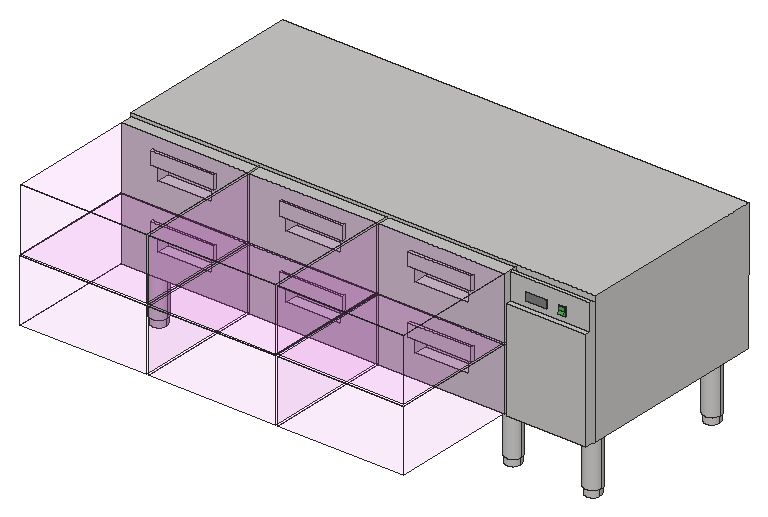
Revit family "QF_ELECTROLUXPROFESSIONAL_371376_E7TTBPCOMKN", category Specialty Equipment, Revit 2018 (continued)
Lines and regions (mm)
  Split face 138
    outline origin (869.896, -348, 142.29) x (0, 0, -1) y (1, 0, 0)
      loop
        arc (-117.004, -232.599) -> (-121.004, -236.61) -> (-116.984, -240.599) r 4
        line (-116.984, -240.599) -> (-85.025, -240.599)
  Split face 139
    outline origin (881.897, -348, 142.29) x (0, 0, -1) y (1, 0, 0)
      loop
        arc (-85.025, -240.599) -> (-81.004, -236.61) -> (-85.004, -232.599) r 4
        line (-85.004, -232.599) -> (-117.004, -232.599)
        arc (-117.004, -232.599) -> (-121.004, -236.61) -> (-116.984, -240.599) r 4
        line (-116.984, -240.599) -> (-85.025, -240.599)
  Split face 140
    outline origin (893.896, -348, 142.29) x (0, 0, -1) y (1, 0, 0)
      loop
        arc (-85.025, -240.599) -> (-81.004, -236.61) -> (-85.004, -232.599) r 4
        line (-85.004, -232.599) -> (-117.004, -232.599)
        arc (-117.004, -232.599) -> (-121.004, -236.61) -> (-116.984, -240.599) r 4
        line (-116.984, -240.599) -> (-85.025, -240.599)
  Split face 141
    outline origin (905.896, -348, 142.29) x (0, 0, -1) y (1, 0, 0)
      loop
        arc (-85.025, -242.399) -> (-81.004, -238.41) -> (-85.004, -234.4) r 4
        line (-85.004, -234.4) -> (-117.004, -234.4)
        arc (-117.004, -234.4) -> (-121.004, -238.41) -> (-116.984, -242.399) r 4
        line (-116.984, -242.399) -> (-85.025, -242.399)
  Split face 142
    outline origin (917.896, -348, 142.29) x (0, 0, -1) y (1, 0, 0)
      loop
        arc (-85.025, -242.399) -> (-81.004, -238.41) -> (-85.004, -234.4) r 4
        line (-85.004, -234.4) -> (-117.004, -234.4)
        arc (-117.004, -234.4) -> (-121.004, -238.41) -> (-116.984, -242.399) r 4
        line (-116.984, -242.399) -> (-85.025, -242.399)
  Split face 143
    outline origin (929.896, -348, 142.29) x (0, 0, -1) y (1, 0, 0)
      loop
        arc (-85.025, -242.399) -> (-81.004, -238.41) -> (-85.004, -234.4) r 4
        line (-85.004, -234.4) -> (-117.004, -234.4)
        arc (-117.004, -234.4) -> (-121.004, -238.41) -> (-116.984, -242.399) r 4
        line (-116.984, -242.399) -> (-85.025, -242.399)
  Split face 144
    outline origin (941.896, -348, 142.29) x (0, 0, -1) y (1, 0, 0)
      loop
        arc (-85.025, -242.399) -> (-81.004, -238.41) -> (-85.004, -234.4) r 4
        line (-85.004, -234.4) -> (-117.004, -234.4)
        arc (-117.004, -234.4) -> (-121.004, -238.41) -> (-116.984, -242.399) r 4
        line (-116.984, -242.399) -> (-85.025, -242.399)
  Split face 145
    outline origin (953.896, -348, 142.29) x (0, 0, -1) y (1, 0, 0)
      loop
        arc (-85.025, -242.399) -> (-81.004, -238.41) -> (-85.004, -234.4) r 4
        line (-85.004, -234.4) -> (-117.004, -234.4)
        arc (-117.004, -234.4) -> (-121.004, -238.41) -> (-116.984, -242.399) r 4
        line (-116.984, -242.399) -> (-85.025, -242.399)
  Split face 146
    outline origin (965.896, -348, 142.29) x (0, 0, -1) y (1, 0, 0)
      loop
        arc (-85.025, -242.399) -> (-81.004, -238.41) -> (-85.004, -234.4) r 4
        line (-85.004, -234.4) -> (-117.004, -234.4)
        arc (-117.004, -234.4) -> (-121.004, -238.41) -> (-116.984, -242.399) r 4
        line (-116.984, -242.399) -> (-85.025, -242.399)
  Split face 147
    outline origin (977.896, -348, 142.29) x (0, 0, -1) y (1, 0, 0)
      loop
        arc (-85.025, -242.399) -> (-81.004, -238.41) -> (-85.004, -234.4) r 4
        line (-85.004, -234.4) -> (-117.004, -234.4)
        arc (-117.004, -234.4) -> (-121.004, -238.41) -> (-116.984, -242.399) r 4
        line (-116.984, -242.399) -> (-85.025, -242.399)
  Split face 148
    outline origin (989.896, -348, 142.29) x (0, 0, -1) y (1, 0, 0)
      loop
        arc (-85.025, -242.399) -> (-81.004, -238.41) -> (-85.004, -234.4) r 4
        line (-85.004, -234.4) -> (-117.004, -234.4)
        arc (-117.004, -234.4) -> (-121.004, -238.41) -> (-116.984, -242.399) r 4
        line (-116.984, -242.399) -> (-85.025, -242.399)
  Split face 149
    outline origin (1001.896, -348, 142.29) x (0, 0, -1) y (1, 0, 0)
      loop
        arc (-85.025, -242.399) -> (-81.004, -238.41) -> (-85.004, -234.4) r 4
        line (-85.004, -234.4) -> (-117.004, -234.4)
        arc (-117.004, -234.4) -> (-121.004, -238.41) -> (-116.984, -242.399) r 4
        line (-116.984, -242.399) -> (-85.025, -242.399)
  Split face 150
    outline origin (1013.896, -348, 142.29) x (0, 0, -1) y (1, 0, 0)
      loop
        arc (-85.025, -242.399) -> (-81.004, -238.41) -> (-85.004, -234.4) r 4
        line (-85.004, -234.4) -> (-117.004, -234.4)
        arc (-117.004, -234.4) -> (-121.004, -238.41) -> (-116.984, -242.399) r 4
        line (-116.984, -242.399) -> (-85.025, -242.399)
  Split face 151
    outline origin (786, -348, 142.29) x (0, 0, -1) y (1, 0, 0)
      loop
        arc (-85.025, -240.599) -> (-81.004, -236.61) -> (-85.004, -232.599) r 4
        line (-85.004, -232.599) -> (-117.004, -232.599)
        arc (-117.004, -232.599) -> (-121.004, -236.61) -> (-116.984, -240.599) r 4
        line (-116.984, -240.599) -> (-85.025, -240.599)
  symbolic lines, style "SpecialityEquipmentHiddenLines"
    curve 1: line (-799, 350, 0) -> (799, 350, 0)
    curve 2: line (-799, -348, 0) -> (-799, 350, 0)
    curve 3: line (799, -348, 0) -> (-799, -348, 0)
    curve 4: line (799, 350, 0) -> (799, -348, 0)
    curve 16: line (-799, -303, 0) -> (799, -303, 0)
  symbolic lines, style "QF_Door-Drawer Clearances"
    curve 5: line (-775, -348, 0) -> (-775, -473, 0)
    curve 6: line (-380.999, -473, 0) -> (-380.999, -348, 0)
    curve 7: line (-332.969, -348, 0) -> (-332.969, -473, 0)
    curve 8: line (-795, -473, 0) -> (-360.999, -473, 0)
    curve 9: line (-352.969, -473, 0) -> (81.031, -473, 0)
    curve 10: line (-795, -513, 0) -> (-360.999, -513, 0)
    curve 11: line (-352.969, -513, 0) -> (81.031, -513, 0)
    curve 12: line (-360.999, -513, 0) -> (-360.999, -473, 0)
    curve 13: line (-352.969, -473, 0) -> (-352.969, -513, 0)
    curve 14: line (-795, -473, 0) -> (-795, -513, 0)
    curve 15: line (81.031, -513, 0) -> (81.031, -473, 0)
    curve 17: line (523, -473, 0) -> (88.961, -473, 0)
    curve 18: line (523, -513, 0) -> (88.961, -513, 0)
    curve 19: line (523, -473, 0) -> (523, -513, 0)
    curve 20: line (88.961, -513, 0) -> (88.961, -473, 0)
    curve 21: line (61.031, -473, 0) -> (61.031, -348, 0)
    curve 22: line (108.961, -348, 0) -> (108.961, -473, 0)
    curve 23: line (503, -473, 0) -> (503, -348, 0)
    curve 24: line (-775, -513, 0) -> (-775, -638, 0)
    curve 25: line (-380.999, -638, 0) -> (-380.999, -513, 0)
    curve 26: line (-332.969, -513, 0) -> (-332.969, -638, 0)
    curve 27: line (-795, -638, 0) -> (-360.999, -638, 0)
    curve 28: line (-352.969, -638, 0) -> (81.031, -638, 0)
    curve 29: line (-795, -678, 0) -> (-360.999, -678, 0)
    curve 30: line (-352.969, -678, 0) -> (81.031, -678, 0)
    curve 31: line (-360.999, -678, 0) -> (-360.999, -638, 0)
    curve 32: line (-352.969, -638, 0) -> (-352.969, -678, 0)
    curve 33: line (-795, -638, 0) -> (-795, -678, 0)
    curve 34: line (81.031, -678, 0) -> (81.031, -638, 0)
    curve 35: line (523, -638, 0) -> (88.961, -638, 0)
    curve 36: line (523, -678, 0) -> (88.961, -678, 0)
    curve 37: line (523, -638, 0) -> (523, -678, 0)
    curve 38: line (88.961, -678, 0) -> (88.961, -638, 0)
    curve 39: line (61.031, -638, 0) -> (61.031, -513, 0)
    curve 40: line (108.961, -513, 0) -> (108.961, -638, 0)
    curve 41: line (503, -638, 0) -> (503, -513, 0)
Dimensions and locks
  plane 4 to level = 200 mm
  plane 5 "TOP" to level = 650 mm
  plane 5 "TOP" to plane 4 = 450 mm
  equal spacing: plane 8 "LEFT", plane 3 "Centro (Sinistra/Destra)", plane 9 "RIGHT"
  plane 8 "LEFT" to plane 9 "RIGHT" = 1600 mm
  equal spacing: plane 6 "BACK", plane 1 "Center X", plane 7 "FRONT"
  plane 6 "BACK" to plane 7 "FRONT" = 700 mm
  locked: plane 6 "BACK" to plane 10 at 653
  locked: plane 10 to plane 11 at 45
  locked: plane 8 "LEFT" to plane 12 at 55
  locked: plane 13 to plane 9 "RIGHT" at 55
  plane 12 to plane 14 = 1216 mm
  locked: plane 6 "BACK" to plane 15 at 88
  locked: plane 16 to plane 11 at 99
  locked: plane 19 to plane 9 "RIGHT" at 1
  locked: plane 8 "LEFT" to plane 18 at 1
  plane 19 to plane 17 = 513 mm
  locked: plane 6 "BACK" to plane 20 at 160
  plane 21 to plane 9 "RIGHT" = 42 mm
  plane 14 to plane 12 = 1216 mm
  plane 12 to plane 8 "LEFT" = 55 mm
  plane 9 "RIGHT" to plane 13 = 55 mm
  Extrusion 10 to Extrusion 10 = 434 mm
  Extrusion 13 to Extrusion 13 = 434.039 mm
  equal spacing: plane 5 "TOP", plane 22, plane 4
  aligned and locked: level to plane 2
  aligned and locked: plane 12 to nested 1
  aligned and locked: nested 1 to plane 16
  aligned and locked: nested 2 to plane 15
  aligned and locked: plane 14 to nested 3
  aligned and locked: nested 4 to plane 14
  aligned and locked: plane 13 to nested 5
  aligned and locked: nested 6 to plane 13
  aligned and locked: Extrusion 1 sketch curve to plane 6 "BACK"
  aligned and locked: Extrusion 1 sketch curve to plane 10
  aligned and locked: Extrusion 2 to plane 11
  aligned and locked: plane 19 to Extrusion 1
  aligned and locked: plane 4 to Extrusion 5
  aligned and locked: nested 2 to plane 12
Automatic sketch dimensions
  Extrusion 2 sketch curve to plane 24 = 0 mm
  Extrusion 2 sketch curve to plane 3 "Centro (Sinistra/Destra)" = 360.999 mm
  Extrusion 2 sketch curve to Extrusion 2 sketch curve = 123.7 mm
  plane 12 to Extrusion 2 sketch curve = 73.7 mm
  plane 18 to Extrusion 2 sketch curve = 4 mm
  plane 24 to Extrusion 2 sketch curve = 79.206 mm
  Extrusion 2 sketch curve to plane 5 "TOP" = 65 mm
  Extrusion 2 sketch curve to plane 5 "TOP" = 9.006 mm
  plane 20 to Extrusion 5 sketch curve = 0 mm
  plane 13 to Extrusion 5 sketch curve = 13 mm
  Extrusion 10 sketch curve to plane 24 = 0 mm
  plane 3 "Centro (Sinistra/Destra)" to Extrusion 10 sketch curve = 81.031 mm
  Extrusion 10 sketch curve to plane 3 "Centro (Sinistra/Destra)" = 42.668 mm
  plane 24 to Extrusion 10 sketch curve = 79.206 mm
  Extrusion 10 sketch curve to Extrusion 10 sketch curve = 186.601 mm
  Extrusion 10 sketch curve to Extrusion 10 sketch curve = 123.7 mm
  Extrusion 10 sketch curve to plane 5 "TOP" = 65 mm
  Extrusion 10 sketch curve to plane 5 "TOP" = 9.006 mm
  Extrusion 10 to Extrusion 11 sketch curve = 0 mm
  Extrusion 11 sketch curve to Extrusion 10 = 0 mm  (x3)
  Extrusion 12 sketch curve to Extrusion 10 = 15 mm  (x2)
  Extrusion 10 to Extrusion 12 sketch curve = 31.031 mm
  Extrusion 12 sketch curve to Extrusion 10 = 13.969 mm
  Extrusion 13 sketch curve to plane 24 = 0 mm
  Extrusion 13 sketch curve to plane 5 "TOP" = 9.006 mm
  Extrusion 13 sketch curve to plane 21 = 235 mm
  Extrusion 13 sketch curve to plane 14 = 71.738 mm
  Extrusion 13 sketch curve to plane 17 = 73.339 mm
  plane 3 "Centro (Sinistra/Destra)" to Extrusion 13 sketch curve = 88.961 mm
  plane 24 to Extrusion 13 sketch curve = 79.206 mm
  Extrusion 13 sketch curve to plane 5 "TOP" = 65 mm
  Extrusion 14 sketch curve to Extrusion 13 = 0 mm  (x4)
  Extrusion 15 sketch curve to Extrusion 13 = 15 mm  (x2)
  Extrusion 13 to Extrusion 15 sketch curve = 31.031 mm
  Extrusion 15 sketch curve to Extrusion 13 = 13.969 mm
  curve 1 to plane 6 "BACK" = 0 mm
  curve 1 to plane 18 = 0 mm
  curve 5 to plane 11 = 0 mm
  plane 10 to curve 16 = 0 mm
  curve 16 to plane 19 = 0 mm
  plane 18 to curve 8 = 4 mm
  plane 18 to curve 33 = 4 mm
  curve 10 to plane 7 "FRONT" = 163 mm
  curve 10 to plane 3 "Centro (Sinistra/Destra)" = 360.999 mm
  curve 31 to curve 10 = 0 mm
  curve 27 to curve 32 = 8.03 mm
  curve 10 to curve 11 = 8.03 mm
  plane 3 "Centro (Sinistra/Destra)" to curve 9 = 81.031 mm
  plane 3 "Centro (Sinistra/Destra)" to curve 34 = 81.031 mm
  curve 11 to curve 18 = 7.93 mm
  curve 28 to curve 35 = 7.93 mm
  plane 14 to curve 19 = 52 mm
  plane 14 to curve 36 = 52 mm
  curve 33 to curve 10 = 125 mm
  curve 37 to plane 7 "FRONT" = 288 mm
  curve 28 to curve 35 = 0 mm
  curve 34 to curve 28 = 40 mm
  curve 33 to curve 27 = 40 mm
  curve 36 to curve 35 = 40 mm
  curve 10 to curve 13 = 0 mm
  curve 35 to curve 18 = 125 mm
  curve 18 to curve 20 = 40 mm
  curve 15 to curve 17 = 0 mm
  curve 10 to curve 14 = 40 mm
  curve 27 to curve 24 = 20 mm
  curve 2 to curve 5 = 24 mm
  curve 25 to curve 27 = 20 mm
  curve 6 to curve 8 = 20 mm
  curve 11 to curve 26 = 20 mm
  curve 6 to curve 7 = 48.03 mm
  plane 3 "Centro (Sinistra/Destra)" to curve 21 = 61.031 mm
  curve 39 to curve 11 = 20 mm
  curve 17 to curve 22 = 20 mm
  curve 18 to curve 40 = 20 mm
  curve 23 to curve 17 = 20 mm
  curve 41 to curve 35 = 20 mm
  Extrusion 1 sketch curve to plane 19 = 0 mm
  Extrusion 1 sketch curve to plane 18 = 0 mm
  Extrusion 2 to Extrusion 3 sketch curve = 0 mm
  Extrusion 3 sketch curve to Extrusion 2 = 0 mm  (x3)
  Extrusion 4 sketch curve to Extrusion 2 = 15 mm  (x2)
  Extrusion 2 to Extrusion 4 sketch curve = 31.031 mm
  Extrusion 4 sketch curve to Extrusion 2 = 13.969 mm
  Extrusion 6 sketch curve to plane 11 = 0 mm
  Extrusion 6 sketch curve to plane 4 = 0 mm
  Extrusion 6 sketch curve to plane 10 = 0 mm
  plane 11 to Extrusion 6 sketch curve = 16.901 mm
  Extrusion 6 sketch curve to Extrusion 6 sketch curve = 11.336 mm
  plane 4 to Extrusion 6 sketch curve = 4.796 mm
  Extrusion 6 sketch curve to plane 10 = 15.163 mm
  Extrusion 6 sketch curve to plane 10 = 5.442 mm
  Extrusion 6 sketch curve to plane 5 "TOP" = 100.204 mm
  Extrusion 6 sketch curve to plane 5 "TOP" = 20.473 mm
  Extrusion 6 sketch curve to plane 5 "TOP" = 9.006 mm
  Extrusion 6 to Extrusion 7 sketch curve = 42.198 mm
  Extrusion 7 sketch curve to Extrusion 6 = 20 mm
  Extrusion 6 to Extrusion 7 sketch curve = 102.899 mm
  Extrusion 7 sketch curve to Extrusion 7 sketch curve = 22 mm
  Extrusion 6 to Extrusion 8 sketch curve = 42.198 mm
  Extrusion 8 sketch curve to Extrusion 6 = 20 mm
  Extrusion 6 to Extrusion 8 sketch curve = 54.901 mm
  Extrusion 8 sketch curve to Extrusion 8 sketch curve = 70 mm
  Split face 1 sketch curve to Extrusion 8 = 5 mm
  Split face 1 sketch curve to Extrusion 8 = 9 mm
  Split face 1 sketch curve to Extrusion 8 = 10 mm  (x2)
  Split face 2 sketch curve to Extrusion 8 = 12.5 mm
  Split face 2 sketch curve to Extrusion 8 = 7 mm
  Split face 3 sketch curve to Extrusion 8 = 7.5 mm
  Split face 3 sketch curve to Extrusion 8 = 7 mm
  Split face 4 sketch curve to Extrusion 8 = 11.5 mm
  Split face 4 sketch curve to Extrusion 8 = 7 mm
  Split face 5 sketch curve to Extrusion 8 = 7.5 mm
  Split face 5 sketch curve to Extrusion 8 = 7 mm
  Split face 6 sketch curve to Extrusion 8 = 12.5 mm
  Split face 6 sketch curve to Extrusion 8 = 7 mm
  Split face 7 sketch curve to Extrusion 8 = 11.5 mm
  Split face 7 sketch curve to Extrusion 8 = 7 mm
  Split face 8 sketch curve to Extrusion 8 = 7.047 mm
  Split face 8 sketch curve to Extrusion 8 = 2.047 mm
  Split face 8 sketch curve to Extrusion 8 = 10 mm
  Split face 8 sketch curve to Split face 8 sketch curve = 11 mm
  Split face 9 sketch curve to Extrusion 8 = 7.047 mm
  Split face 9 sketch curve to Extrusion 8 = 2.047 mm
  Split face 9 sketch curve to Extrusion 8 = 23 mm
  Split face 9 sketch curve to Split face 9 sketch curve = 11 mm
  Split face 10 sketch curve to Extrusion 8 = 7.047 mm
  Split face 10 sketch curve to Extrusion 8 = 2.047 mm
  Split face 10 sketch curve to Extrusion 8 = 34 mm
  Split face 10 sketch curve to Split face 10 sketch curve = 11 mm
  Split face 11 sketch curve to Extrusion 8 = 7.047 mm
  Split face 11 sketch curve to Extrusion 8 = 2.047 mm
  Split face 11 sketch curve to Extrusion 8 = 21 mm
  Split face 11 sketch curve to Extrusion 8 = 10 mm
  Extrusion 9 sketch curve to Extrusion 9 sketch curve = 0 mm  (x3)
  Extrusion 9 sketch curve to Extrusion 7 = 0 mm
  Extrusion 7 to Extrusion 9 sketch curve = 2.279 mm
  Extrusion 9 sketch curve to Extrusion 9 sketch curve = 0.116 mm
  Extrusion 9 sketch curve to Extrusion 9 sketch curve = 12.105 mm
  Extrusion 7 to Extrusion 9 sketch curve = 3.692 mm
  Extrusion 7 to Extrusion 9 sketch curve = 2.395 mm
  Split face 12 sketch curve to Extrusion 6 = 20.5 mm
  Split face 12 sketch curve to Split face 12 sketch curve = 0.02 mm  (x2)
  Split face 12 sketch curve to Split face 12 sketch curve = 31.959 mm
  Split face 12 sketch curve to Extrusion 6 = 30.401 mm
  Split face 12 sketch curve to Split face 12 sketch curve = 4 mm
  Split face 13 sketch curve to Extrusion 6 = 20.5 mm
  Split face 13 sketch curve to Split face 13 sketch curve = 0.02 mm  (x2)
  Split face 13 sketch curve to Split face 13 sketch curve = 31.959 mm
  Split face 13 sketch curve to Extrusion 6 = 42.4 mm
  Split face 13 sketch curve to Split face 13 sketch curve = 4 mm
  Split face 14 sketch curve to Extrusion 6 = 20.5 mm
  Split face 14 sketch curve to Split face 14 sketch curve = 0.02 mm  (x2)
  Split face 14 sketch curve to Split face 14 sketch curve = 31.959 mm
  Split face 14 sketch curve to Extrusion 6 = 54.4 mm
  Split face 14 sketch curve to Split face 14 sketch curve = 4 mm
  Split face 15 sketch curve to Extrusion 6 = 20.5 mm
  Split face 15 sketch curve to Split face 15 sketch curve = 0.02 mm  (x2)
  Split face 15 sketch curve to Split face 15 sketch curve = 31.959 mm
  Split face 15 sketch curve to Extrusion 6 = 66.297 mm
  Split face 15 sketch curve to Split face 15 sketch curve = 4 mm
  Split face 16 sketch curve to Extrusion 6 = 20.5 mm
  Split face 16 sketch curve to Split face 16 sketch curve = 0.02 mm  (x2)
  Split face 16 sketch curve to Split face 16 sketch curve = 31.959 mm
  Split face 16 sketch curve to Extrusion 6 = 78.297 mm
  Split face 16 sketch curve to Split face 16 sketch curve = 4 mm
  Split face 17 sketch curve to Extrusion 6 = 20.5 mm
  Split face 17 sketch curve to Split face 17 sketch curve = 0.02 mm  (x2)
  Split face 17 sketch curve to Split face 17 sketch curve = 31.959 mm
  Split face 17 sketch curve to Extrusion 6 = 90.297 mm
  Split face 17 sketch curve to Split face 17 sketch curve = 4 mm
  Split face 18 sketch curve to Extrusion 6 = 20.5 mm
  Split face 18 sketch curve to Split face 18 sketch curve = 0.02 mm  (x2)
  Split face 18 sketch curve to Split face 18 sketch curve = 31.959 mm
  Split face 18 sketch curve to Extrusion 6 = 102.297 mm
  Split face 18 sketch curve to Split face 18 sketch curve = 4 mm
  Split face 19 sketch curve to Extrusion 6 = 20.5 mm
  Split face 19 sketch curve to Split face 19 sketch curve = 0.02 mm  (x2)
  Split face 19 sketch curve to Split face 19 sketch curve = 31.959 mm
  Split face 19 sketch curve to Extrusion 6 = 114.297 mm
  Split face 19 sketch curve to Split face 19 sketch curve = 4 mm
  Split face 20 sketch curve to Extrusion 6 = 20.5 mm
  Split face 20 sketch curve to Split face 20 sketch curve = 0.02 mm  (x2)
  Split face 20 sketch curve to Split face 20 sketch curve = 31.959 mm
  Split face 20 sketch curve to Extrusion 6 = 126.297 mm
  Split face 20 sketch curve to Split face 20 sketch curve = 4 mm
  Split face 21 sketch curve to Extrusion 6 = 20.5 mm
  Split face 21 sketch curve to Split face 21 sketch curve = 0.02 mm  (x2)
  Split face 21 sketch curve to Split face 21 sketch curve = 31.959 mm
  Split face 21 sketch curve to Extrusion 6 = 134.503 mm
  Split face 21 sketch curve to Split face 21 sketch curve = 4 mm
  Split face 22 sketch curve to Extrusion 6 = 20.5 mm
  Split face 22 sketch curve to Split face 22 sketch curve = 0.02 mm  (x2)
  Split face 22 sketch curve to Split face 22 sketch curve = 31.959 mm
  Split face 22 sketch curve to Extrusion 6 = 122.504 mm
  Split face 22 sketch curve to Split face 22 sketch curve = 4 mm
  Split face 23 sketch curve to Extrusion 6 = 20.5 mm
  Split face 23 sketch curve to Split face 23 sketch curve = 0.02 mm  (x2)
  Split face 23 sketch curve to Split face 23 sketch curve = 31.959 mm
  Split face 23 sketch curve to Extrusion 6 = 110.503 mm
  Split face 23 sketch curve to Split face 23 sketch curve = 4 mm
  Split face 24 sketch curve to Extrusion 6 = 20.5 mm
  Split face 24 sketch curve to Split face 24 sketch curve = 0.02 mm  (x2)
  Split face 24 sketch curve to Split face 24 sketch curve = 31.959 mm
  Split face 24 sketch curve to Extrusion 6 = 98.503 mm
  Split face 24 sketch curve to Split face 24 sketch curve = 4 mm
  Split face 25 sketch curve to Extrusion 6 = 20.5 mm
  Split face 25 sketch curve to Split face 25 sketch curve = 0.02 mm  (x2)
  Split face 25 sketch curve to Split face 25 sketch curve = 31.959 mm
  Split face 25 sketch curve to Extrusion 6 = 86.503 mm
  Split face 25 sketch curve to Split face 25 sketch curve = 4 mm
  Split face 26 sketch curve to Extrusion 6 = 20.5 mm
  Split face 26 sketch curve to Split face 26 sketch curve = 0.02 mm  (x2)
  Split face 26 sketch curve to Split face 26 sketch curve = 31.959 mm
  Split face 26 sketch curve to Extrusion 6 = 74.504 mm
  Split face 26 sketch curve to Split face 26 sketch curve = 4 mm
  Split face 27 sketch curve to Extrusion 6 = 20.5 mm
  Split face 27 sketch curve to Split face 27 sketch curve = 0.02 mm  (x2)
  Split face 27 sketch curve to Split face 27 sketch curve = 31.959 mm
  Split face 27 sketch curve to Extrusion 6 = 62.503 mm
  Split face 27 sketch curve to Split face 27 sketch curve = 4 mm
  Split face 28 sketch curve to Extrusion 6 = 20.5 mm
  Split face 28 sketch curve to Split face 28 sketch curve = 0.02 mm  (x2)
  Split face 28 sketch curve to Split face 28 sketch curve = 31.959 mm
  Split face 28 sketch curve to Extrusion 6 = 50.504 mm
  Split face 28 sketch curve to Split face 28 sketch curve = 4 mm
  Split face 29 sketch curve to Extrusion 6 = 20.5 mm
  Split face 29 sketch curve to Split face 29 sketch curve = 0.02 mm  (x2)
  Split face 29 sketch curve to Split face 29 sketch curve = 31.959 mm
  Split face 29 sketch curve to Extrusion 6 = 38.504 mm
  Split face 29 sketch curve to Split face 29 sketch curve = 4 mm
  Split face 30 sketch curve to Extrusion 6 = 20.5 mm
  Split face 30 sketch curve to Split face 30 sketch curve = 0.02 mm  (x2)
  Split face 30 sketch curve to Split face 30 sketch curve = 31.959 mm
  Split face 30 sketch curve to Extrusion 6 = 26.504 mm
  Split face 30 sketch curve to Split face 30 sketch curve = 4 mm
  Split face 31 sketch curve to Extrusion 6 = 20.5 mm
  Split face 31 sketch curve to Split face 31 sketch curve = 0.02 mm  (x2)
  Split face 31 sketch curve to Split face 31 sketch curve = 31.959 mm
  Split face 31 sketch curve to Extrusion 6 = 18.401 mm
  Split face 31 sketch curve to Split face 31 sketch curve = 4 mm
  Split face 32 sketch curve to Extrusion 6 = 65.502 mm
  Split face 32 sketch curve to Split face 32 sketch curve = 0.02 mm  (x2)
  Split face 32 sketch curve to Split face 32 sketch curve = 31.959 mm
  Split face 32 sketch curve to Extrusion 6 = 30.401 mm
  Split face 32 sketch curve to Split face 32 sketch curve = 4 mm
  Split face 33 sketch curve to Extrusion 6 = 65.502 mm
  Split face 33 sketch curve to Split face 33 sketch curve = 0.02 mm  (x2)
  Split face 33 sketch curve to Split face 33 sketch curve = 31.959 mm
  Split face 33 sketch curve to Extrusion 6 = 42.4 mm
  Split face 33 sketch curve to Split face 33 sketch curve = 4 mm
  Split face 34 sketch curve to Extrusion 6 = 65.502 mm
  Split face 34 sketch curve to Split face 34 sketch curve = 0.02 mm  (x2)
  Split face 34 sketch curve to Split face 34 sketch curve = 31.959 mm
  Split face 34 sketch curve to Extrusion 6 = 54.4 mm
  Split face 34 sketch curve to Split face 34 sketch curve = 4 mm
  Split face 35 sketch curve to Extrusion 6 = 65.502 mm
  Split face 35 sketch curve to Split face 35 sketch curve = 0.02 mm  (x2)
  Split face 35 sketch curve to Split face 35 sketch curve = 31.959 mm
  Split face 35 sketch curve to Extrusion 6 = 66.297 mm
  Split face 35 sketch curve to Split face 35 sketch curve = 4 mm
  Split face 36 sketch curve to Extrusion 6 = 65.502 mm
  Split face 36 sketch curve to Split face 36 sketch curve = 0.02 mm  (x2)
  Split face 36 sketch curve to Split face 36 sketch curve = 31.959 mm
  Split face 36 sketch curve to Extrusion 6 = 78.297 mm
  Split face 36 sketch curve to Split face 36 sketch curve = 4 mm
  Split face 37 sketch curve to Extrusion 6 = 65.502 mm
  Split face 37 sketch curve to Split face 37 sketch curve = 0.02 mm  (x2)
  Split face 37 sketch curve to Split face 37 sketch curve = 31.959 mm
  Split face 37 sketch curve to Extrusion 6 = 90.297 mm
  Split face 37 sketch curve to Split face 37 sketch curve = 4 mm
  Split face 38 sketch curve to Extrusion 6 = 65.502 mm
  Split face 38 sketch curve to Split face 38 sketch curve = 0.02 mm  (x2)
  Split face 38 sketch curve to Split face 38 sketch curve = 31.959 mm
  Split face 38 sketch curve to Extrusion 6 = 102.297 mm
  Split face 38 sketch curve to Split face 38 sketch curve = 4 mm
  Split face 39 sketch curve to Extrusion 6 = 65.502 mm
  Split face 39 sketch curve to Split face 39 sketch curve = 0.02 mm  (x2)
  Split face 39 sketch curve to Split face 39 sketch curve = 31.959 mm
  Split face 39 sketch curve to Extrusion 6 = 114.297 mm
  Split face 39 sketch curve to Split face 39 sketch curve = 4 mm
  Split face 40 sketch curve to Extrusion 6 = 65.502 mm
  Split face 40 sketch curve to Split face 40 sketch curve = 0.02 mm  (x2)
  Split face 40 sketch curve to Split face 40 sketch curve = 31.959 mm
  Split face 40 sketch curve to Extrusion 6 = 126.297 mm
  Split face 40 sketch curve to Split face 40 sketch curve = 4 mm
  Split face 41 sketch curve to Extrusion 6 = 65.502 mm
  Split face 41 sketch curve to Split face 41 sketch curve = 0.02 mm  (x2)
  Split face 41 sketch curve to Split face 41 sketch curve = 31.959 mm
  Split face 41 sketch curve to Extrusion 6 = 134.503 mm
  Split face 41 sketch curve to Split face 41 sketch curve = 4 mm
  Split face 42 sketch curve to Extrusion 6 = 65.502 mm
  Split face 42 sketch curve to Split face 42 sketch curve = 0.02 mm  (x2)
  Split face 42 sketch curve to Split face 42 sketch curve = 31.959 mm
  Split face 42 sketch curve to Extrusion 6 = 122.504 mm
  Split face 42 sketch curve to Split face 42 sketch curve = 4 mm
  Split face 43 sketch curve to Extrusion 6 = 65.502 mm
  Split face 43 sketch curve to Split face 43 sketch curve = 0.02 mm  (x2)
  Split face 43 sketch curve to Split face 43 sketch curve = 31.959 mm
  Split face 43 sketch curve to Extrusion 6 = 110.503 mm
  Split face 43 sketch curve to Split face 43 sketch curve = 4 mm
  Split face 44 sketch curve to Extrusion 6 = 65.502 mm
  Split face 44 sketch curve to Split face 44 sketch curve = 0.02 mm  (x2)
  Split face 44 sketch curve to Split face 44 sketch curve = 31.959 mm
  Split face 44 sketch curve to Extrusion 6 = 98.503 mm
  Split face 44 sketch curve to Split face 44 sketch curve = 4 mm
  Split face 45 sketch curve to Extrusion 6 = 65.502 mm
  Split face 45 sketch curve to Split face 45 sketch curve = 0.02 mm  (x2)
  Split face 45 sketch curve to Split face 45 sketch curve = 31.959 mm
  Split face 45 sketch curve to Extrusion 6 = 86.503 mm
  Split face 45 sketch curve to Split face 45 sketch curve = 4 mm
  Split face 46 sketch curve to Extrusion 6 = 65.502 mm
  Split face 46 sketch curve to Split face 46 sketch curve = 0.02 mm  (x2)
  Split face 46 sketch curve to Split face 46 sketch curve = 31.959 mm
  Split face 46 sketch curve to Extrusion 6 = 74.504 mm
  Split face 46 sketch curve to Split face 46 sketch curve = 4 mm
  Split face 47 sketch curve to Extrusion 6 = 65.502 mm
  Split face 47 sketch curve to Split face 47 sketch curve = 0.02 mm  (x2)
  Split face 47 sketch curve to Split face 47 sketch curve = 31.959 mm
  Split face 47 sketch curve to Extrusion 6 = 62.503 mm
  Split face 47 sketch curve to Split face 47 sketch curve = 4 mm
  Split face 48 sketch curve to Extrusion 6 = 65.502 mm
  Split face 48 sketch curve to Split face 48 sketch curve = 0.02 mm  (x2)
  Split face 48 sketch curve to Split face 48 sketch curve = 31.959 mm
  Split face 48 sketch curve to Extrusion 6 = 50.504 mm
  Split face 48 sketch curve to Split face 48 sketch curve = 4 mm
  Split face 49 sketch curve to Extrusion 6 = 65.502 mm
  Split face 49 sketch curve to Split face 49 sketch curve = 0.02 mm  (x2)
  Split face 49 sketch curve to Split face 49 sketch curve = 31.959 mm
  Split face 49 sketch curve to Extrusion 6 = 38.504 mm
  Split face 49 sketch curve to Split face 49 sketch curve = 4 mm
  Split face 50 sketch curve to Extrusion 6 = 22.504 mm
  Split face 50 sketch curve to Extrusion 6 = 65.502 mm
  Split face 50 sketch curve to Split face 50 sketch curve = 0.02 mm  (x2)
  Split face 50 sketch curve to Split face 50 sketch curve = 31.959 mm
  Split face 50 sketch curve to Split face 50 sketch curve = 4 mm
  Split face 51 sketch curve to Extrusion 6 = 22.401 mm
  Split face 51 sketch curve to Extrusion 6 = 65.502 mm
  Split face 51 sketch curve to Split face 51 sketch curve = 0.02 mm  (x2)
  Split face 51 sketch curve to Split face 51 sketch curve = 31.959 mm
  Split face 51 sketch curve to Split face 51 sketch curve = 4 mm
  Split face 52 sketch curve to Extrusion 6 = 34.401 mm
  Split face 52 sketch curve to Extrusion 6 = 110.502 mm
  Split face 52 sketch curve to Split face 52 sketch curve = 0.02 mm  (x2)
  Split face 52 sketch curve to Split face 52 sketch curve = 31.959 mm
  Split face 52 sketch curve to Split face 52 sketch curve = 4 mm
  Split face 53 sketch curve to Extrusion 6 = 46.4 mm
  Split face 53 sketch curve to Extrusion 6 = 110.502 mm
  Split face 53 sketch curve to Split face 53 sketch curve = 0.02 mm  (x2)
  Split face 53 sketch curve to Split face 53 sketch curve = 31.959 mm
  Split face 53 sketch curve to Split face 53 sketch curve = 4 mm
  Split face 54 sketch curve to Extrusion 6 = 110.502 mm
  Split face 54 sketch curve to Split face 54 sketch curve = 0.02 mm  (x2)
  Split face 54 sketch curve to Split face 54 sketch curve = 31.959 mm
  Split face 54 sketch curve to Extrusion 6 = 54.4 mm
  Split face 54 sketch curve to Split face 54 sketch curve = 4 mm
  Split face 55 sketch curve to Extrusion 6 = 110.502 mm
  Split face 55 sketch curve to Split face 55 sketch curve = 0.02 mm  (x2)
  Split face 55 sketch curve to Split face 55 sketch curve = 31.959 mm
  Split face 55 sketch curve to Extrusion 6 = 66.297 mm
  Split face 55 sketch curve to Split face 55 sketch curve = 4 mm
  Split face 56 sketch curve to Extrusion 6 = 110.502 mm
  Split face 56 sketch curve to Split face 56 sketch curve = 0.02 mm  (x2)
  Split face 56 sketch curve to Split face 56 sketch curve = 31.959 mm
  Split face 56 sketch curve to Extrusion 6 = 78.297 mm
  Split face 56 sketch curve to Split face 56 sketch curve = 4 mm
  Split face 57 sketch curve to Extrusion 6 = 110.502 mm
  Split face 57 sketch curve to Split face 57 sketch curve = 0.02 mm  (x2)
  Split face 57 sketch curve to Split face 57 sketch curve = 31.959 mm
  Split face 57 sketch curve to Extrusion 6 = 90.297 mm
  Split face 57 sketch curve to Split face 57 sketch curve = 4 mm
  Split face 58 sketch curve to Extrusion 6 = 110.502 mm
  Split face 58 sketch curve to Split face 58 sketch curve = 0.02 mm  (x2)
  Split face 58 sketch curve to Split face 58 sketch curve = 31.959 mm
  Split face 58 sketch curve to Extrusion 6 = 102.297 mm
  Split face 58 sketch curve to Split face 58 sketch curve = 4 mm
  Split face 59 sketch curve to Extrusion 6 = 110.502 mm
  Split face 59 sketch curve to Split face 59 sketch curve = 0.02 mm  (x2)
  Split face 59 sketch curve to Split face 59 sketch curve = 31.959 mm
  Split face 59 sketch curve to Extrusion 6 = 114.297 mm
  Split face 59 sketch curve to Split face 59 sketch curve = 4 mm
  Split face 60 sketch curve to Extrusion 6 = 110.502 mm
  Split face 60 sketch curve to Split face 60 sketch curve = 0.02 mm  (x2)
  Split face 60 sketch curve to Split face 60 sketch curve = 31.959 mm
  Split face 60 sketch curve to Extrusion 6 = 126.297 mm
  Split face 60 sketch curve to Split face 60 sketch curve = 4 mm
  Split face 61 sketch curve to Extrusion 6 = 110.502 mm
  Split face 61 sketch curve to Split face 61 sketch curve = 0.02 mm  (x2)
  Split face 61 sketch curve to Split face 61 sketch curve = 31.959 mm
  Split face 61 sketch curve to Extrusion 6 = 134.503 mm
  Split face 61 sketch curve to Split face 61 sketch curve = 4 mm
  Split face 62 sketch curve to Extrusion 6 = 110.502 mm
  Split face 62 sketch curve to Split face 62 sketch curve = 0.02 mm  (x2)
  Split face 62 sketch curve to Split face 62 sketch curve = 31.959 mm
  Split face 62 sketch curve to Extrusion 6 = 122.504 mm
  Split face 62 sketch curve to Split face 62 sketch curve = 4 mm
  Split face 63 sketch curve to Extrusion 6 = 110.502 mm
  Split face 63 sketch curve to Split face 63 sketch curve = 0.02 mm  (x2)
  Split face 63 sketch curve to Split face 63 sketch curve = 31.959 mm
  Split face 63 sketch curve to Extrusion 6 = 110.503 mm
  Split face 63 sketch curve to Split face 63 sketch curve = 4 mm
  Split face 64 sketch curve to Extrusion 6 = 110.502 mm
  Split face 64 sketch curve to Split face 64 sketch curve = 0.02 mm  (x2)
  Split face 64 sketch curve to Split face 64 sketch curve = 31.959 mm
  Split face 64 sketch curve to Extrusion 6 = 98.503 mm
  Split face 64 sketch curve to Split face 64 sketch curve = 4 mm
  Split face 65 sketch curve to Extrusion 6 = 110.502 mm
  Split face 65 sketch curve to Split face 65 sketch curve = 0.02 mm  (x2)
  Split face 65 sketch curve to Split face 65 sketch curve = 31.959 mm
  Split face 65 sketch curve to Extrusion 6 = 86.503 mm
  Split face 65 sketch curve to Split face 65 sketch curve = 4 mm
  Split face 66 sketch curve to Extrusion 6 = 110.502 mm
  Split face 66 sketch curve to Split face 66 sketch curve = 0.02 mm  (x2)
  Split face 66 sketch curve to Split face 66 sketch curve = 31.959 mm
  Split face 66 sketch curve to Extrusion 6 = 74.504 mm
  Split face 66 sketch curve to Split face 66 sketch curve = 4 mm
  Split face 67 sketch curve to Extrusion 6 = 110.502 mm
  Split face 67 sketch curve to Split face 67 sketch curve = 0.02 mm  (x2)
  Split face 67 sketch curve to Split face 67 sketch curve = 31.959 mm
  Split face 67 sketch curve to Extrusion 6 = 62.503 mm
  Split face 67 sketch curve to Split face 67 sketch curve = 4 mm
  Split face 68 sketch curve to Extrusion 6 = 46.504 mm
  Split face 68 sketch curve to Extrusion 6 = 110.502 mm
  Split face 68 sketch curve to Split face 68 sketch curve = 0.02 mm  (x2)
  Split face 68 sketch curve to Split face 68 sketch curve = 31.959 mm
  Split face 68 sketch curve to Split face 68 sketch curve = 4 mm
  Split face 69 sketch curve to Extrusion 6 = 34.504 mm
  Split face 69 sketch curve to Extrusion 6 = 110.502 mm
  Split face 69 sketch curve to Split face 69 sketch curve = 0.02 mm  (x2)
  Split face 69 sketch curve to Split face 69 sketch curve = 31.959 mm
  Split face 69 sketch curve to Split face 69 sketch curve = 4 mm
  Split face 70 sketch curve to Extrusion 6 = 22.504 mm
  Split face 70 sketch curve to Extrusion 6 = 110.502 mm
  Split face 70 sketch curve to Split face 70 sketch curve = 0.02 mm  (x2)
  Split face 70 sketch curve to Split face 70 sketch curve = 31.959 mm
  Split face 70 sketch curve to Split face 70 sketch curve = 4 mm
  Split face 71 sketch curve to Extrusion 6 = 22.401 mm
  Split face 71 sketch curve to Extrusion 6 = 110.502 mm
  Split face 71 sketch curve to Split face 71 sketch curve = 0.02 mm  (x2)
  Split face 71 sketch curve to Split face 71 sketch curve = 31.959 mm
  Split face 71 sketch curve to Split face 71 sketch curve = 4 mm
  Split face 72 sketch curve to Extrusion 6 = 34.401 mm
  Split face 72 sketch curve to Extrusion 6 = 155.502 mm
  Split face 72 sketch curve to Split face 72 sketch curve = 0.02 mm  (x2)
  Split face 72 sketch curve to Split face 72 sketch curve = 31.959 mm
  Split face 72 sketch curve to Split face 72 sketch curve = 4 mm
  Split face 73 sketch curve to Extrusion 6 = 46.4 mm
  Split face 73 sketch curve to Extrusion 6 = 155.502 mm
  Split face 73 sketch curve to Split face 73 sketch curve = 0.02 mm  (x2)
  Split face 73 sketch curve to Split face 73 sketch curve = 31.959 mm
  Split face 73 sketch curve to Split face 73 sketch curve = 4 mm
  Split face 74 sketch curve to Extrusion 6 = 58.4 mm
  Split face 74 sketch curve to Extrusion 6 = 155.502 mm
  Split face 74 sketch curve to Split face 74 sketch curve = 0.02 mm  (x2)
  Split face 74 sketch curve to Split face 74 sketch curve = 31.959 mm
  Split face 74 sketch curve to Split face 74 sketch curve = 4 mm
  Split face 75 sketch curve to Extrusion 6 = 70.297 mm
  Split face 75 sketch curve to Extrusion 6 = 155.502 mm
  Split face 75 sketch curve to Split face 75 sketch curve = 0.02 mm  (x2)
  Split face 75 sketch curve to Split face 75 sketch curve = 31.959 mm
  Split face 75 sketch curve to Split face 75 sketch curve = 4 mm
  Split face 76 sketch curve to Extrusion 6 = 155.502 mm
  Split face 76 sketch curve to Split face 76 sketch curve = 0.02 mm  (x2)
  Split face 76 sketch curve to Split face 76 sketch curve = 31.959 mm
  Split face 76 sketch curve to Extrusion 6 = 78.297 mm
  Split face 76 sketch curve to Split face 76 sketch curve = 4 mm
  Split face 77 sketch curve to Extrusion 6 = 155.502 mm
  Split face 77 sketch curve to Split face 77 sketch curve = 0.02 mm  (x2)
  Split face 77 sketch curve to Split face 77 sketch curve = 31.959 mm
  Split face 77 sketch curve to Extrusion 6 = 90.297 mm
  Split face 77 sketch curve to Split face 77 sketch curve = 4 mm
  Split face 78 sketch curve to Extrusion 6 = 155.502 mm
  Split face 78 sketch curve to Split face 78 sketch curve = 0.02 mm  (x2)
  Split face 78 sketch curve to Split face 78 sketch curve = 31.959 mm
  Split face 78 sketch curve to Extrusion 6 = 102.297 mm
  Split face 78 sketch curve to Split face 78 sketch curve = 4 mm
  Split face 79 sketch curve to Extrusion 6 = 155.502 mm
  Split face 79 sketch curve to Split face 79 sketch curve = 0.02 mm  (x2)
  Split face 79 sketch curve to Split face 79 sketch curve = 31.959 mm
  Split face 79 sketch curve to Extrusion 6 = 114.297 mm
  Split face 79 sketch curve to Split face 79 sketch curve = 4 mm
  Split face 80 sketch curve to Extrusion 6 = 155.502 mm
  Split face 80 sketch curve to Split face 80 sketch curve = 0.02 mm  (x2)
  Split face 80 sketch curve to Split face 80 sketch curve = 31.959 mm
  Split face 80 sketch curve to Extrusion 6 = 126.297 mm
  Split face 80 sketch curve to Split face 80 sketch curve = 4 mm
  Split face 81 sketch curve to Extrusion 6 = 155.502 mm
  Split face 81 sketch curve to Split face 81 sketch curve = 0.02 mm  (x2)
  Split face 81 sketch curve to Split face 81 sketch curve = 31.959 mm
  Split face 81 sketch curve to Extrusion 6 = 134.503 mm
  Split face 81 sketch curve to Split face 81 sketch curve = 4 mm
  Split face 82 sketch curve to Extrusion 6 = 155.502 mm
  Split face 82 sketch curve to Split face 82 sketch curve = 0.02 mm  (x2)
  Split face 82 sketch curve to Split face 82 sketch curve = 31.959 mm
  Split face 82 sketch curve to Extrusion 6 = 122.504 mm
  Split face 82 sketch curve to Split face 82 sketch curve = 4 mm
  Split face 83 sketch curve to Extrusion 6 = 155.502 mm
  Split face 83 sketch curve to Split face 83 sketch curve = 0.02 mm  (x2)
  Split face 83 sketch curve to Split face 83 sketch curve = 31.959 mm
  Split face 83 sketch curve to Extrusion 6 = 110.503 mm
  Split face 83 sketch curve to Split face 83 sketch curve = 4 mm
  Split face 84 sketch curve to Extrusion 6 = 155.502 mm
  Split face 84 sketch curve to Split face 84 sketch curve = 0.02 mm  (x2)
  Split face 84 sketch curve to Split face 84 sketch curve = 31.959 mm
  Split face 84 sketch curve to Extrusion 6 = 98.503 mm
  Split face 84 sketch curve to Split face 84 sketch curve = 4 mm
  Split face 85 sketch curve to Extrusion 6 = 155.502 mm
  Split face 85 sketch curve to Split face 85 sketch curve = 0.02 mm  (x2)
  Split face 85 sketch curve to Split face 85 sketch curve = 31.959 mm
  Split face 85 sketch curve to Extrusion 6 = 86.503 mm
  Split face 85 sketch curve to Split face 85 sketch curve = 4 mm
  Split face 86 sketch curve to Extrusion 6 = 70.504 mm
  Split face 86 sketch curve to Extrusion 6 = 155.502 mm
  Split face 86 sketch curve to Split face 86 sketch curve = 0.02 mm  (x2)
  Split face 86 sketch curve to Split face 86 sketch curve = 31.959 mm
  Split face 86 sketch curve to Split face 86 sketch curve = 4 mm
  Split face 87 sketch curve to Extrusion 6 = 58.503 mm
  Split face 87 sketch curve to Extrusion 6 = 155.502 mm
  Split face 87 sketch curve to Split face 87 sketch curve = 0.02 mm  (x2)
  Split face 87 sketch curve to Split face 87 sketch curve = 31.959 mm
  Split face 87 sketch curve to Split face 87 sketch curve = 4 mm
  Split face 88 sketch curve to Extrusion 6 = 46.504 mm
  Split face 88 sketch curve to Extrusion 6 = 155.502 mm
  Split face 88 sketch curve to Split face 88 sketch curve = 0.02 mm  (x2)
  Split face 88 sketch curve to Split face 88 sketch curve = 31.959 mm
  Split face 88 sketch curve to Split face 88 sketch curve = 4 mm
  Split face 89 sketch curve to Extrusion 6 = 34.504 mm
  Split face 89 sketch curve to Extrusion 6 = 155.502 mm
  Split face 89 sketch curve to Split face 89 sketch curve = 0.02 mm  (x2)
  Split face 89 sketch curve to Split face 89 sketch curve = 31.959 mm
  Split face 89 sketch curve to Split face 89 sketch curve = 4 mm
  Split face 90 sketch curve to Extrusion 6 = 22.504 mm
  Split face 90 sketch curve to Extrusion 6 = 155.502 mm
  Split face 90 sketch curve to Split face 90 sketch curve = 0.02 mm  (x2)
  Split face 90 sketch curve to Split face 90 sketch curve = 31.959 mm
  Split face 90 sketch curve to Split face 90 sketch curve = 4 mm
  Split face 91 sketch curve to Extrusion 6 = 22.401 mm
  Split face 91 sketch curve to Extrusion 6 = 155.502 mm
  Split face 91 sketch curve to Split face 91 sketch curve = 0.02 mm  (x2)
  Split face 91 sketch curve to Split face 91 sketch curve = 31.959 mm
  Split face 91 sketch curve to Split face 91 sketch curve = 4 mm
  Split face 92 sketch curve to Extrusion 6 = 34.401 mm
  Split face 92 sketch curve to Extrusion 6 = 144.498 mm
  Split face 92 sketch curve to Split face 92 sketch curve = 0.02 mm  (x2)
  Split face 92 sketch curve to Split face 92 sketch curve = 31.959 mm
  Split face 92 sketch curve to Split face 92 sketch curve = 4 mm
  Split face 93 sketch curve to Extrusion 6 = 46.4 mm
  Split face 93 sketch curve to Extrusion 6 = 144.498 mm
  Split face 93 sketch curve to Split face 93 sketch curve = 0.02 mm  (x2)
  Split face 93 sketch curve to Split face 93 sketch curve = 31.959 mm
  Split face 93 sketch curve to Split face 93 sketch curve = 4 mm
  Split face 94 sketch curve to Extrusion 6 = 58.4 mm
  Split face 94 sketch curve to Extrusion 6 = 144.498 mm
  Split face 94 sketch curve to Split face 94 sketch curve = 0.02 mm  (x2)
  Split face 94 sketch curve to Split face 94 sketch curve = 31.959 mm
  Split face 94 sketch curve to Split face 94 sketch curve = 4 mm
  Split face 95 sketch curve to Extrusion 6 = 70.297 mm
  Split face 95 sketch curve to Extrusion 6 = 144.498 mm
  Split face 95 sketch curve to Split face 95 sketch curve = 0.02 mm  (x2)
  Split face 95 sketch curve to Split face 95 sketch curve = 31.959 mm
  Split face 95 sketch curve to Split face 95 sketch curve = 4 mm
  Split face 96 sketch curve to Extrusion 6 = 144.498 mm
  Split face 96 sketch curve to Split face 96 sketch curve = 0.02 mm  (x2)
  Split face 96 sketch curve to Split face 96 sketch curve = 31.959 mm
  Split face 96 sketch curve to Extrusion 6 = 78.297 mm
  Split face 96 sketch curve to Split face 96 sketch curve = 4 mm
  Split face 97 sketch curve to Extrusion 6 = 144.498 mm
  Split face 97 sketch curve to Split face 97 sketch curve = 0.02 mm  (x2)
  Split face 97 sketch curve to Split face 97 sketch curve = 31.959 mm
  Split face 97 sketch curve to Extrusion 6 = 90.297 mm
  Split face 97 sketch curve to Split face 97 sketch curve = 4 mm
  Split face 98 sketch curve to Extrusion 6 = 144.498 mm
  Split face 98 sketch curve to Split face 98 sketch curve = 0.02 mm  (x2)
  Split face 98 sketch curve to Split face 98 sketch curve = 31.959 mm
  Split face 98 sketch curve to Extrusion 6 = 102.297 mm
  Split face 98 sketch curve to Split face 98 sketch curve = 4 mm
  Split face 99 sketch curve to Extrusion 6 = 144.498 mm
  Split face 99 sketch curve to Split face 99 sketch curve = 0.02 mm  (x2)
  Split face 99 sketch curve to Split face 99 sketch curve = 31.959 mm
  Split face 99 sketch curve to Extrusion 6 = 114.297 mm
  Split face 99 sketch curve to Split face 99 sketch curve = 4 mm
  Split face 100 sketch curve to Extrusion 6 = 144.498 mm
  Split face 100 sketch curve to Split face 100 sketch curve = 0.02 mm  (x2)
  Split face 100 sketch curve to Split face 100 sketch curve = 31.959 mm
  Split face 100 sketch curve to Extrusion 6 = 126.297 mm
  Split face 100 sketch curve to Split face 100 sketch curve = 4 mm
  Split face 101 sketch curve to Extrusion 6 = 144.498 mm
  Split face 101 sketch curve to Split face 101 sketch curve = 0.02 mm  (x2)
  Split face 101 sketch curve to Split face 101 sketch curve = 31.959 mm
  Split face 101 sketch curve to Extrusion 6 = 134.503 mm
  Split face 101 sketch curve to Split face 101 sketch curve = 4 mm
  Split face 102 sketch curve to Extrusion 6 = 144.498 mm
  Split face 102 sketch curve to Split face 102 sketch curve = 0.02 mm  (x2)
  Split face 102 sketch curve to Split face 102 sketch curve = 31.959 mm
  Split face 102 sketch curve to Extrusion 6 = 122.504 mm
  Split face 102 sketch curve to Split face 102 sketch curve = 4 mm
  Split face 103 sketch curve to Extrusion 6 = 144.498 mm
  Split face 103 sketch curve to Split face 103 sketch curve = 0.02 mm  (x2)
  Split face 103 sketch curve to Split face 103 sketch curve = 31.959 mm
  Split face 103 sketch curve to Extrusion 6 = 110.503 mm
  Split face 103 sketch curve to Split face 103 sketch curve = 4 mm
  Split face 104 sketch curve to Extrusion 6 = 144.498 mm
  Split face 104 sketch curve to Split face 104 sketch curve = 0.02 mm  (x2)
  Split face 104 sketch curve to Split face 104 sketch curve = 31.959 mm
  Split face 104 sketch curve to Extrusion 6 = 98.503 mm
  Split face 104 sketch curve to Split face 104 sketch curve = 4 mm
  Split face 105 sketch curve to Extrusion 6 = 144.498 mm
  Split face 105 sketch curve to Split face 105 sketch curve = 0.02 mm  (x2)
  Split face 105 sketch curve to Split face 105 sketch curve = 31.959 mm
  Split face 105 sketch curve to Extrusion 6 = 86.503 mm
  Split face 105 sketch curve to Split face 105 sketch curve = 4 mm
  Split face 106 sketch curve to Extrusion 6 = 70.504 mm
  Split face 106 sketch curve to Extrusion 6 = 144.498 mm
  Split face 106 sketch curve to Split face 106 sketch curve = 0.02 mm  (x2)
  Split face 106 sketch curve to Split face 106 sketch curve = 31.959 mm
  Split face 106 sketch curve to Split face 106 sketch curve = 4 mm
  Split face 107 sketch curve to Extrusion 6 = 58.503 mm
  Split face 107 sketch curve to Extrusion 6 = 144.498 mm
  Split face 107 sketch curve to Split face 107 sketch curve = 0.02 mm  (x2)
  Split face 107 sketch curve to Split face 107 sketch curve = 31.959 mm
  Split face 107 sketch curve to Split face 107 sketch curve = 4 mm
  Split face 108 sketch curve to Extrusion 6 = 46.504 mm
  Split face 108 sketch curve to Extrusion 6 = 144.498 mm
  Split face 108 sketch curve to Split face 108 sketch curve = 0.02 mm  (x2)
  Split face 108 sketch curve to Split face 108 sketch curve = 31.959 mm
  Split face 108 sketch curve to Split face 108 sketch curve = 4 mm
  Split face 109 sketch curve to Extrusion 6 = 34.504 mm
  Split face 109 sketch curve to Extrusion 6 = 144.498 mm
  Split face 109 sketch curve to Split face 109 sketch curve = 0.02 mm  (x2)
  Split face 109 sketch curve to Split face 109 sketch curve = 31.959 mm
  Split face 109 sketch curve to Split face 109 sketch curve = 4 mm
  Split face 110 sketch curve to Extrusion 6 = 22.504 mm
  Split face 110 sketch curve to Extrusion 6 = 144.498 mm
  Split face 110 sketch curve to Split face 110 sketch curve = 0.02 mm  (x2)
  Split face 110 sketch curve to Split face 110 sketch curve = 31.959 mm
  Split face 110 sketch curve to Split face 110 sketch curve = 4 mm
  Split face 111 sketch curve to Extrusion 6 = 22.401 mm
  Split face 111 sketch curve to Extrusion 6 = 144.498 mm
  Split face 111 sketch curve to Split face 111 sketch curve = 0.02 mm  (x2)
  Split face 111 sketch curve to Split face 111 sketch curve = 31.959 mm
  Split face 111 sketch curve to Split face 111 sketch curve = 4 mm
  Split face 112 sketch curve to Extrusion 6 = 34.401 mm
  Split face 112 sketch curve to Extrusion 6 = 99.499 mm
  Split face 112 sketch curve to Split face 112 sketch curve = 0.02 mm  (x2)
  Split face 112 sketch curve to Split face 112 sketch curve = 31.959 mm
  Split face 112 sketch curve to Split face 112 sketch curve = 4 mm
  Split face 113 sketch curve to Extrusion 6 = 46.4 mm
  Split face 113 sketch curve to Extrusion 6 = 99.499 mm
  Split face 113 sketch curve to Split face 113 sketch curve = 0.02 mm  (x2)
  Split face 113 sketch curve to Split face 113 sketch curve = 31.959 mm
  Split face 113 sketch curve to Split face 113 sketch curve = 4 mm
  Split face 114 sketch curve to Extrusion 6 = 99.499 mm
  Split face 114 sketch curve to Split face 114 sketch curve = 0.02 mm  (x2)
  Split face 114 sketch curve to Split face 114 sketch curve = 31.959 mm
  Split face 114 sketch curve to Extrusion 6 = 54.4 mm
  Split face 114 sketch curve to Split face 114 sketch curve = 4 mm
  Split face 115 sketch curve to Extrusion 6 = 99.499 mm
  Split face 115 sketch curve to Split face 115 sketch curve = 0.02 mm  (x2)
  Split face 115 sketch curve to Split face 115 sketch curve = 31.959 mm
  Split face 115 sketch curve to Extrusion 6 = 66.297 mm
  Split face 115 sketch curve to Split face 115 sketch curve = 4 mm
  Split face 116 sketch curve to Extrusion 6 = 99.499 mm
  Split face 116 sketch curve to Split face 116 sketch curve = 0.02 mm  (x2)
  Split face 116 sketch curve to Split face 116 sketch curve = 31.959 mm
  Split face 116 sketch curve to Extrusion 6 = 78.297 mm
  Split face 116 sketch curve to Split face 116 sketch curve = 4 mm
  Split face 117 sketch curve to Extrusion 6 = 99.499 mm
  Split face 117 sketch curve to Split face 117 sketch curve = 0.02 mm  (x2)
  Split face 117 sketch curve to Split face 117 sketch curve = 31.959 mm
  Split face 117 sketch curve to Extrusion 6 = 90.297 mm
  Split face 117 sketch curve to Split face 117 sketch curve = 4 mm
  Split face 118 sketch curve to Extrusion 6 = 99.499 mm
  Split face 118 sketch curve to Split face 118 sketch curve = 0.02 mm  (x2)
  Split face 118 sketch curve to Split face 118 sketch curve = 31.959 mm
  Split face 118 sketch curve to Extrusion 6 = 102.297 mm
  Split face 118 sketch curve to Split face 118 sketch curve = 4 mm
  Split face 119 sketch curve to Extrusion 6 = 99.499 mm
  Split face 119 sketch curve to Split face 119 sketch curve = 0.02 mm  (x2)
  Split face 119 sketch curve to Split face 119 sketch curve = 31.959 mm
  Split face 119 sketch curve to Extrusion 6 = 114.297 mm
  Split face 119 sketch curve to Split face 119 sketch curve = 4 mm
  Split face 120 sketch curve to Extrusion 6 = 99.499 mm
  Split face 120 sketch curve to Split face 120 sketch curve = 0.02 mm  (x2)
  Split face 120 sketch curve to Split face 120 sketch curve = 31.959 mm
  Split face 120 sketch curve to Extrusion 6 = 126.297 mm
  Split face 120 sketch curve to Split face 120 sketch curve = 4 mm
  Split face 121 sketch curve to Extrusion 6 = 99.499 mm
  Split face 121 sketch curve to Split face 121 sketch curve = 0.02 mm  (x2)
  Split face 121 sketch curve to Split face 121 sketch curve = 31.959 mm
  Split face 121 sketch curve to Extrusion 6 = 134.503 mm
  Split face 121 sketch curve to Split face 121 sketch curve = 4 mm
  Split face 122 sketch curve to Extrusion 6 = 99.499 mm
  Split face 122 sketch curve to Split face 122 sketch curve = 0.02 mm  (x2)
  Split face 122 sketch curve to Split face 122 sketch curve = 31.959 mm
  Split face 122 sketch curve to Extrusion 6 = 122.504 mm
  Split face 122 sketch curve to Split face 122 sketch curve = 4 mm
  Split face 123 sketch curve to Extrusion 6 = 99.499 mm
  Split face 123 sketch curve to Split face 123 sketch curve = 0.02 mm  (x2)
  Split face 123 sketch curve to Split face 123 sketch curve = 31.959 mm
  Split face 123 sketch curve to Extrusion 6 = 110.503 mm
  Split face 123 sketch curve to Split face 123 sketch curve = 4 mm
  Split face 124 sketch curve to Extrusion 6 = 99.499 mm
  Split face 124 sketch curve to Split face 124 sketch curve = 0.02 mm  (x2)
  Split face 124 sketch curve to Split face 124 sketch curve = 31.959 mm
  Split face 124 sketch curve to Extrusion 6 = 98.503 mm
  Split face 124 sketch curve to Split face 124 sketch curve = 4 mm
  Split face 125 sketch curve to Extrusion 6 = 99.499 mm
  Split face 125 sketch curve to Split face 125 sketch curve = 0.02 mm  (x2)
  Split face 125 sketch curve to Split face 125 sketch curve = 31.959 mm
  Split face 125 sketch curve to Extrusion 6 = 86.503 mm
  Split face 125 sketch curve to Split face 125 sketch curve = 4 mm
  Split face 126 sketch curve to Extrusion 6 = 99.499 mm
  Split face 126 sketch curve to Split face 126 sketch curve = 0.02 mm  (x2)
  Split face 126 sketch curve to Split face 126 sketch curve = 31.959 mm
  Split face 126 sketch curve to Extrusion 6 = 74.504 mm
  Split face 126 sketch curve to Split face 126 sketch curve = 4 mm
  Split face 127 sketch curve to Extrusion 6 = 99.499 mm
  Split face 127 sketch curve to Split face 127 sketch curve = 0.02 mm  (x2)
  Split face 127 sketch curve to Split face 127 sketch curve = 31.959 mm
  Split face 127 sketch curve to Extrusion 6 = 62.503 mm
  Split face 127 sketch curve to Split face 127 sketch curve = 4 mm
  Split face 128 sketch curve to Extrusion 6 = 46.504 mm
  Split face 128 sketch curve to Extrusion 6 = 99.499 mm
  Split face 128 sketch curve to Split face 128 sketch curve = 0.02 mm  (x2)
  Split face 128 sketch curve to Split face 128 sketch curve = 31.959 mm
  Split face 128 sketch curve to Split face 128 sketch curve = 4 mm
  Split face 129 sketch curve to Extrusion 6 = 34.504 mm
  Split face 129 sketch curve to Extrusion 6 = 99.499 mm
  Split face 129 sketch curve to Split face 129 sketch curve = 0.02 mm  (x2)
  Split face 129 sketch curve to Split face 129 sketch curve = 31.959 mm
  Split face 129 sketch curve to Split face 129 sketch curve = 4 mm
  Split face 130 sketch curve to Extrusion 6 = 22.504 mm
  Split face 130 sketch curve to Extrusion 6 = 99.499 mm
  Split face 130 sketch curve to Split face 130 sketch curve = 0.02 mm  (x2)
  Split face 130 sketch curve to Split face 130 sketch curve = 31.959 mm
  Split face 130 sketch curve to Split face 130 sketch curve = 4 mm
  Split face 131 sketch curve to Extrusion 6 = 22.401 mm
  Split face 131 sketch curve to Extrusion 6 = 99.499 mm
  Split face 131 sketch curve to Split face 131 sketch curve = 0.02 mm  (x2)
  Split face 131 sketch curve to Split face 131 sketch curve = 31.959 mm
  Split face 131 sketch curve to Split face 131 sketch curve = 4 mm
  Split face 132 sketch curve to Extrusion 6 = 54.499 mm
  Split face 132 sketch curve to Split face 132 sketch curve = 0.02 mm  (x2)
  Split face 132 sketch curve to Extrusion 6 = 22.519 mm
  Split face 132 sketch curve to Extrusion 6 = 30.401 mm
  Split face 132 sketch curve to Split face 132 sketch curve = 4 mm
  Split face 133 sketch curve to Extrusion 6 = 54.499 mm
  Split face 133 sketch curve to Split face 133 sketch curve = 0.02 mm  (x2)
  Split face 133 sketch curve to Extrusion 6 = 22.519 mm
  Split face 133 sketch curve to Extrusion 6 = 42.4 mm
  Split face 133 sketch curve to Split face 133 sketch curve = 4 mm
  Split face 134 sketch curve to Extrusion 6 = 54.499 mm
  Split face 134 sketch curve to Split face 134 sketch curve = 0.02 mm  (x2)
  Split face 134 sketch curve to Extrusion 6 = 22.519 mm
  Split face 134 sketch curve to Extrusion 6 = 54.4 mm
  Split face 134 sketch curve to Split face 134 sketch curve = 4 mm
  Split face 135 sketch curve to Extrusion 6 = 54.499 mm
  Split face 135 sketch curve to Split face 135 sketch curve = 0.02 mm  (x2)
  Split face 135 sketch curve to Extrusion 6 = 22.519 mm
  Split face 135 sketch curve to Extrusion 6 = 66.297 mm
  Split face 135 sketch curve to Split face 135 sketch curve = 4 mm
  Split face 136 sketch curve to Extrusion 6 = 54.499 mm
  Split face 136 sketch curve to Split face 136 sketch curve = 0.02 mm  (x2)
  Split face 136 sketch curve to Extrusion 6 = 22.519 mm
  Split face 136 sketch curve to Extrusion 6 = 78.297 mm
  Split face 136 sketch curve to Split face 136 sketch curve = 4 mm
  Split face 137 sketch curve to Extrusion 6 = 54.499 mm
  Split face 137 sketch curve to Split face 137 sketch curve = 0.02 mm  (x2)
  Split face 137 sketch curve to Extrusion 6 = 22.519 mm
  Split face 137 sketch curve to Extrusion 6 = 90.297 mm
  Split face 137 sketch curve to Split face 137 sketch curve = 4 mm
  Split face 138 sketch curve to Extrusion 6 = 54.499 mm
  Split face 138 sketch curve to Split face 138 sketch curve = 0.02 mm  (x2)
  Split face 138 sketch curve to Extrusion 6 = 22.519 mm
  Split face 138 sketch curve to Extrusion 6 = 102.297 mm
  Split face 138 sketch curve to Split face 138 sketch curve = 4 mm
  Split face 139 sketch curve to Extrusion 6 = 54.499 mm
  Split face 139 sketch curve to Split face 139 sketch curve = 0.02 mm  (x2)
  Split face 139 sketch curve to Extrusion 6 = 22.519 mm
  Split face 139 sketch curve to Extrusion 6 = 114.297 mm
  Split face 139 sketch curve to Split face 139 sketch curve = 4 mm
  Split face 140 sketch curve to Extrusion 6 = 54.499 mm
  Split face 140 sketch curve to Split face 140 sketch curve = 0.02 mm  (x2)
  Split face 140 sketch curve to Extrusion 6 = 22.519 mm
  Split face 140 sketch curve to Extrusion 6 = 126.297 mm
  Split face 140 sketch curve to Split face 140 sketch curve = 4 mm
  Split face 141 sketch curve to Extrusion 6 = 54.499 mm
  Split face 141 sketch curve to Split face 141 sketch curve = 0.02 mm  (x2)
  Split face 141 sketch curve to Extrusion 6 = 22.519 mm
  Split face 141 sketch curve to Extrusion 6 = 134.503 mm
  Split face 141 sketch curve to Split face 141 sketch curve = 4 mm
  Split face 142 sketch curve to Extrusion 6 = 54.499 mm
  Split face 142 sketch curve to Split face 142 sketch curve = 0.02 mm  (x2)
  Split face 142 sketch curve to Extrusion 6 = 22.519 mm
  Split face 142 sketch curve to Extrusion 6 = 122.504 mm
  Split face 142 sketch curve to Split face 142 sketch curve = 4 mm
  Split face 143 sketch curve to Extrusion 6 = 54.499 mm
  Split face 143 sketch curve to Split face 143 sketch curve = 0.02 mm  (x2)
  Split face 143 sketch curve to Extrusion 6 = 22.519 mm
  Split face 143 sketch curve to Extrusion 6 = 110.503 mm
  Split face 143 sketch curve to Split face 143 sketch curve = 4 mm
  Split face 144 sketch curve to Extrusion 6 = 54.499 mm
  Split face 144 sketch curve to Split face 144 sketch curve = 0.02 mm  (x2)
  Split face 144 sketch curve to Extrusion 6 = 22.519 mm
  Split face 144 sketch curve to Extrusion 6 = 98.503 mm
